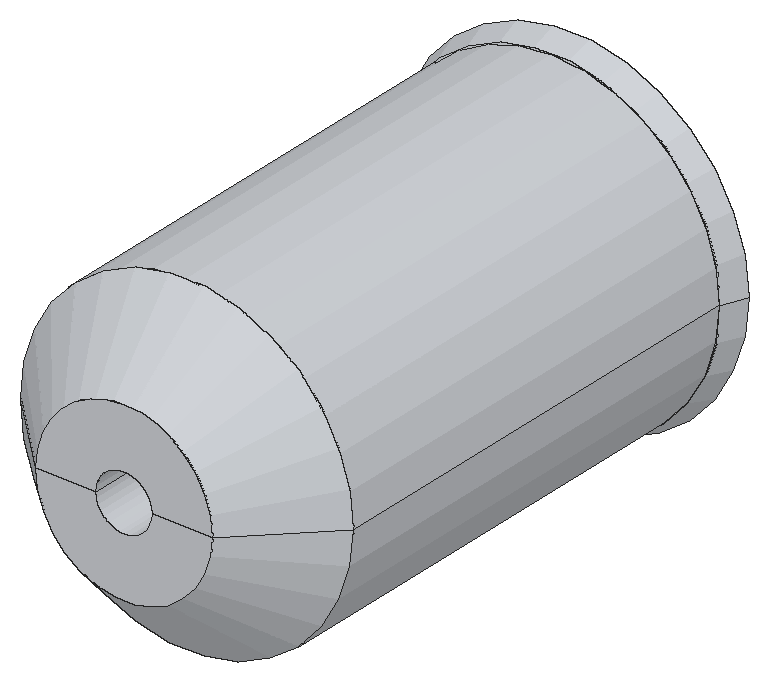
Revit family "RRHS Dual Thread", category Generic Models, Revit 2018
Family settings
  Can host rebar = No
  Round Connector Dimension = Use Diameter
  Part Type = Normal
  Work Plane-Based = Yes
  Always vertical = No
  Cut with Voids When Loaded = No
  Shared = Yes
  Room Calculation Point = No
Parameters (values of type "RRHS38142T")
  Top Thread Radius = Top Thread Diameter / 2  # 0.1005"
  Top Thread Offset = 0.750"
  Top Thread Diameter = 0.201"
  Taper Offset = 0.280"
  Standard Gasket [instance] = not(RRRG38 Gasket)  # yes
  Spacer Material = none
  Rack Slot Gasket = RRRG38 : RRRG38
  RRRG38 Gasket [instance] = no
  Ship Complete Level [instance] = ""
  Required Date [instance] = ""
  Length = 2.000"
  Job [instance] = ""
  Group/Run [instance] = ""
  Gasket Type [instance] = if(RRRG38 Gasket, Rack Slot Gasket, Flat Gasket)  # GSK002001 : GSK002001-01
  Gasket Offset [instance] = if(RRRG38 Gasket, 0.250", 0.000")  # 0.000"
  Flat Gasket = GSK002001 : GSK002001-01
  Description = "Spacer Tapered Hygienic 304 Dual Threaded 3/8-16 and 1/4-20 2 Inch long"
  Default Elevation = 48.000"
  Custom [instance] = ""
  Catalog Number = "RRHS38142T"
  Bottom Thread Radius = Bottom Thread Diameter / 2  # 0.1565"
  Bottom Thread Diameter = 0.313"
  Assembly Name [instance] = ""
  Assembly ID [instance] = ""
Types (3): name | Top Thread Radius | Top Thread Offset | Top Thread Diameter | Taper Offset | Length | Description | Catalog Number
  RRHS38122T | 0.211" | 0.750" | 0.422" | 0.180" | 2.000" | "Spacer Tapered Hygienic 304 Dual Threaded 3/8-16 and 1/2-13 2 Inch long" | "RRHS38122T"
  RRHS38141T | 0.1005" | 0.450" | 0.201" | 0.280" | 1.000" | "Spacer Tapered Hygienic 304 Dual Threaded 3/8-16 and 1/4-20 1 Inch long" | "RRHS38141T"
  RRHS38142T | 0.1005" | 0.750" | 0.201" | 0.280" | 2.000" | "Spacer Tapered Hygienic 304 Dual Threaded 3/8-16 and 1/4-20 2 Inch long" | "RRHS38142T"
Reference planes (in)
  plane 1 "Center (Front/Back)": y = 0
  plane 2: z = 0
  plane 3 "Center (Left/Right)": x = 0
  plane 4 "front": y = -2
  plane 5 "outer": x = -0.595
  plane 6 "top thread depth": y = -1.25
  plane 7 "taper": y = -1.72
  plane 8 "gasket": y = 0
Forms (in)
  Revolve 1, solid, material <- "Spacer Material"
    sketch origin (0, 0, 0) x (1, 0, 0) y (0, 1, 0)
      loop
        line (-0.404, 0) -> (-0.505, 0) -> (-0.47875, -0.09798)
        arc (-0.47875, -0.09798) -> (-0.48261, -0.11239) -> (-0.49702, -0.11625) r 0.01492
        line (-0.49702, -0.11625) -> (-0.595, -0.09) -> (-0.595, -1.72) -> (-0.315, -2) -> (0, -2) -> (0, -0.05) -> (-0.404, -0.05) -> (-0.404, 0)
      axis (0, 0) -> (0, -2)
    angle from 0 to 360
  Extrusion 2, void
    sketch origin (0, -1.25, 0) x (1, 0, 0) y (0, 0, 1)
      loop
        circle (0, 0) r 0.1005
    from 0 to 0.75
  Extrusion 3, void
    sketch origin (0, 0, 0) x (1, 0, 0) y (0, 0, 1)
      loop
        circle (0, 0) r 0.1565
    from -0.05 to 1.25
Cuts and joins
  Extrusion 2, Extrusion 3 cuts Revolve 1
Dimensions and locks (in)
  "Length": plane 4 "front" to plane 1 "Center (Front/Back)"
  locked: plane 5 "outer" to plane 3 "Center (Left/Right)" at 0.595
  "Taper Offset": plane 4 "front" to plane 7 "taper"
  "Top Thread Offset": plane 4 "front" to plane 6 "top thread depth"
  "Gasket Offset": plane 1 "Center (Front/Back)" to plane 8 "gasket"
  "Top Thread Radius": radius of Extrusion 2 sketch curve
  "Bottom Thread Radius": radius of Extrusion 3 sketch curve
  locked: plane 5 "outer" to Revolve 1 sketch curve (angle 45.00°)
  aligned and locked: plane 2 to level
  aligned and locked: Revolve 1 sketch curve to plane 5 "outer"
  aligned and locked: plane 4 "front" to Extrusion 2
  aligned and locked: plane 6 "top thread depth" to Extrusion 3
Automatic sketch dimensions
  plane 1 "Center (Front/Back)" to Revolve 1 sketch curve = 0.000"
  Revolve 1 sketch curve to plane 3 "Center (Left/Right)" = 0.000"  (x2)
  plane 7 "taper" to Revolve 1 sketch curve = 0.000"
  plane 5 "outer" to Revolve 1 sketch curve = 0.090"
  plane 5 "outer" to Revolve 1 sketch curve = 0.09798"
  Revolve 1 sketch curve to Revolve 1 sketch curve = 0.00386"
  Revolve 1 sketch curve to Revolve 1 sketch curve = 0.01441"  (x2)
  Revolve 1 sketch curve to Revolve 1 sketch curve = 0.101"
  plane 1 "Center (Front/Back)" to Revolve 1 sketch curve = 0.11625"
  plane 1 "Center (Front/Back)" to Revolve 1 sketch curve = 0.090"
  plane 1 "Center (Front/Back)" to Revolve 1 sketch curve = 0.050"
  Revolve 1 sketch curve to plane 4 "front" = 0.000"
  Revolve 1 sketch curve to Revolve 1 sketch curve = 0.58476"
  Revolve 1 sketch curve to plane 1 "Center (Front/Back)" = 0.41524"
  Extrusion 2 sketch curve to level = 0.000"
  Extrusion 2 sketch curve to plane 3 "Center (Left/Right)" = 0.000"
  Extrusion 3 sketch curve to level = 0.000"
  Extrusion 3 sketch curve to plane 3 "Center (Left/Right)" = 0.000"
Nested families (in)
  nested 1: "GSK002001" at (0, 0, 0) x (1, 0, 0) z (0, -1, 0), type <- "Gasket Type", Required Date <- "Required Date", Assembly Name <- "Assembly Name", Assembly ID <- "Assembly ID", Group/Run <- "Group/Run", Job <- "Job", Ship Complete Level <- "Ship Complete Level", Custom <- "Custom", type "GSK002001-01"
    with Ship Complete Level "", Required Date "", Job "", Group/Run "", Custom "", Assembly Name "", Assembly ID ""
Definition of nested family "GSK002001"
  Parameters (values of type "GSK002001-01")
    Ship Complete Level [instance] = ""
    Required Date [instance] = ""
    Job [instance] = ""
    Group/Run [instance] = ""
    Gasket Material = none
    Description = "Spacer Gasket"
    Default Elevation = 48.000"
    Custom [instance] = ""
    Catalog Number = "RMGSK002001"
    Assembly Name [instance] = ""
    Assembly ID [instance] = ""
  Reference planes (in)
    plane 1 "Center (Front/Back)": y = 0
    plane 2: z = 0
    plane 3 "Center (Left/Right)": x = 0
    plane 4: x = -0.6285
  Forms (in)
    Revolve 1, solid, material <- "Gasket Material"
      sketch origin (0, 0, 0) x (1, 0, 0) y (0, 0, 1)
        loop
          arc (-0.47878, 0.09785) -> (-0.48266, 0.11234) -> (-0.49715, 0.11622) r 0.015
          line (-0.49715, 0.11622) -> (-0.59868, 0.08901) -> (-0.6285, 0) -> (-0.505, 0) -> (-0.47878, 0.09785)
        axis (0, 0.11622) -> (0, 0)
      angle from 0 to 360
  Dimensions and locks (in)
    aligned and locked: level to plane 2
